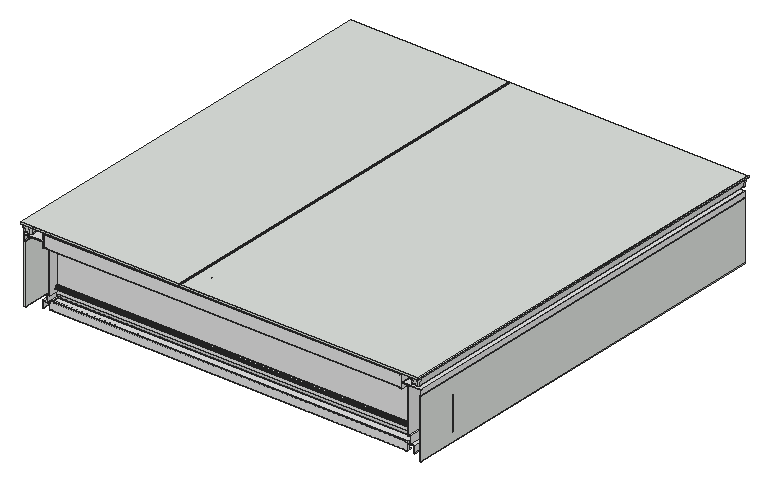
Revit family "Furniture-Mirror_Cabinet-KOHLER-K-56003K_1", category Casework, host Face, Revit 2022
Family settings
  Host = Face
  OmniClass Number = 23.25.53.11.13.11
  OmniClass Title = Medicine Cabinet
  Cut with Voids When Loaded = No
  Shared = No
  Room Calculation Point = No
Parameters (values of type "NA-Not Applicable")
  Width = 25.07874"  # constant formula
  WaterSense Certified = 1 = 0  # no
  URL = "https://www.kohlerasiapacific.com/"
  Type = 1
  Surface Mount [instance] = not(Recess Mount)  # yes
  Recess Mount [instance] = no
  Product Page URL = ""
  Product Name = ""
  Product Documentation Link = ""
  Model = "K-56003K-NA"  # constant formula
  Material = "Aluminum"  # constant formula
  Master Format 2014 Name = "Bathroom Casework"  # constant formula
  Master Format 2014 = "12 35 30.23"  # constant formula
  Manufacturer Address = "No. 158 Jiang Chang San Road, Zhabei District, Shanghai, China"  # constant formula
  Manufacturer = "Kohler Co."  # constant formula
  Product Finish = Kohler-Metal-V-Matte_Silver
  Height = 25.98425"  # constant formula
  Hardware Included = 0 = 1  # no
  Finish = "V-Matte Silver"  # constant formula
  Environmental Product Declaration = ""
  Distance [instance] = if(or(Recess Mount), 3.73988", 0")  # 0"
  Description = "CL REFRESH 25 INCH X 26 INCH DUAL MOUNT GOOD"  # constant formula
  Depth = 4.88228"  # constant formula
  Default Elevation = 60"
  Declare Label = ""
  Date Modified = "09/10/2025"  # constant formula
  Date Created = "09/10/2025"  # constant formula
  Copyright = "Copyright Kohler Co."  # constant formula
  Contact Us = "https://www.kohlerasiapacific.com/contact-us"
  Assembly Code = "E2010.30"
  ADA Compliant = 1 = 0  # no
Reference planes (in)
  plane 1 "Center (Front/Back)": y = 0
  plane 2: z = 0
  plane 3 "Center (Left/Right)": x = 0
  plane 4: z = 0
  plane 5: z = 4.88228
  plane 6: z = 4.26024
  plane 7: z = 0.03122
  plane 8: z = 3.73201
  plane 9: z = 4.51665
  plane 10: z = -0.03937
  plane 11: z = 3.73988
  plane 12: z = 3.73988
  plane 13: x = -12.53937
  plane 14: x = 12.53937
  plane 15: x = 12.53937
  plane 16: y = 12.99213
  plane 17: y = -12.99213
  plane 18: x = -2.53937
  plane 19: x = -2.46063
  plane 20: y = 12.73622
  plane 21: y = -12.73622
  plane 22: x = 12.51969
  plane 23: x = -12.51969
Forms (in)
  Extrusion 1, void
    sketch origin (0, 0, 0) x (1, 0, 0) y (0, 1, 0)
      loop
        line (-11.71937, 12.43718) -> (-11.71937, -12.44742) -> (11.71937, -12.44742) -> (11.71937, 12.43718) -> (-11.71937, 12.43718)
    from -0.03937 to 3.73988
Dimensions and locks (in)
  "Distance": level to plane 4
  "Depth": plane 5 to plane 4
  plane 5 to plane 6 = 0.62205"
  plane 9 to plane 7 = 4.48543"
  plane 7 to plane 4 = 0.03122"
  plane 8 to plane 7 = 3.70079"
  plane 7 to plane 8 = 3.70079"
  plane 6 to plane 5 = 0.62205"
  plane 4 to plane 5 = 4.88228"
  plane 5 to plane 10 = 4.92165"
  plane 11 to plane 8 = 0.00787"
  plane 5 to plane 12 = 1.1424"
  "Width": plane 13 to plane 14
  "Height": plane 16 to plane 17
  plane 19 to plane 14 = 15"
  plane 13 to plane 18 = 10"
  aligned and locked: plane 2 to host face
  aligned and locked: level to host face
  aligned and locked: plane 3 "Center (Left/Right)" to nested 1
  aligned and locked: plane 1 "Center (Front/Back)" to nested 1
  aligned and locked: plane 4 to nested 1
  aligned and locked: plane 5 to nested 1
  aligned and locked: Extrusion 1 to plane 10
  aligned and locked: plane 12 to Extrusion 1
Automatic sketch dimensions
  host sketch curve to host sketch curve = 96"  (x2)
  Extrusion 1 sketch curve to plane 3 "Center (Left/Right)" = 11.71937"
  plane 1 "Center (Front/Back)" to Extrusion 1 sketch curve = 12.44742"
  plane 3 "Center (Left/Right)" to Extrusion 1 sketch curve = 11.71937"
  Extrusion 1 sketch curve to plane 1 "Center (Front/Back)" = 12.43718"
Nested families (in)
  nested 1: "K-56003K" at (0, 0, 0), type "K-56003K"
Definition of nested family "K-56003K"
  Parameters
    Surface Mount = yes
    Recess Mount = yes
    Material = none
    Default Elevation = 0"
  Reference planes (in)
    plane 1 "Center (Front/Back)": y = 0
    plane 2: z = 0
    plane 3 "Center (Left/Right)": x = 0
    plane 4: x = -12.51969
    plane 5: x = 12.51969
    plane 6: x = 12.53937
    plane 7: x = -12.53937
    plane 8: y = 12.73622
    plane 9: y = -12.73622
    plane 10: z = 3.73201
    plane 11: z = 4.51665
    plane 12: z = 4.88228
    plane 13: z = 4.26024
    plane 14: y = -12.99213
    plane 15: y = 12.99213
    plane 16: x = -2.53937
    plane 17: x = -2.46063
    plane 18: z = 0.03102
    plane 19: z = 3.73988
    plane 20: z = 0
  Forms (in)
    Extrusion 1, solid, material <- "Material", detail levels medium+fine
      sketch origin (0, 0, 0) x (1, 0, 0) y (0, 0, 1)
        loop
          line (-11.71937, 0.44323) -> (-11.71937, 0.02146)
          arc (-11.71937, 0.02146) -> (-11.69772, -0.0002) -> (-11.67606, 0.02146) r 0.02165
          line (-11.67606, 0.02146) -> (-11.67606, 0.39992) -> (-11.26969, 0.39992) -> (-11.26969, 0.44323) -> (-11.44094, 0.44323) -> (-11.44094, 0.8448) -> (-11.26969, 0.8448) -> (-11.26969, 4.51665) -> (-11.32087, 4.51665) -> (-11.32087, 4.10996) -> (-12.49685, 4.10996)
          arc (-12.49685, 4.10996) -> (-12.513, 4.10327) -> (-12.51969, 4.08713) r 0.02283
          line (-12.51969, 4.08713) -> (-12.51969, 3.76545)
          arc (-12.51969, 3.76545) -> (-12.49409, 3.73986) -> (-12.4685, 3.76545) r 0.02559
          line (-12.4685, 3.76545) -> (-12.4685, 4.05878) -> (-11.32087, 4.05878) -> (-11.32087, 0.88811) -> (-11.48425, 0.88811) -> (-11.48425, 0.44323) -> (-11.71937, 0.44323)
        loop
          line (11.71937, 0.44323) -> (11.48425, 0.44323) -> (11.48425, 0.88811) -> (11.32087, 0.88811) -> (11.32087, 4.05878) -> (12.4685, 4.05878) -> (12.4685, 3.76545)
          arc (12.4685, 3.76545) -> (12.49409, 3.73986) -> (12.51969, 3.76545) r 0.02559
          line (12.51969, 3.76545) -> (12.51969, 4.08713)
          arc (12.51969, 4.08713) -> (12.513, 4.10327) -> (12.49685, 4.10996) r 0.02283
          line (12.49685, 4.10996) -> (11.32087, 4.10996) -> (11.32087, 4.51665) -> (11.26969, 4.51665) -> (11.26969, 0.8448) -> (11.44094, 0.8448) -> (11.44094, 0.44323) -> (11.26969, 0.44323) -> (11.26969, 0.39992) -> (11.67606, 0.39992) -> (11.67606, 0.02146)
          arc (11.67606, 0.02146) -> (11.69772, -0.0002) -> (11.71937, 0.02146) r 0.02165
          line (11.71937, 0.02146) -> (11.71937, 0.44323)
      from -12.73622 to 12.73622
    Extrusion 2, solid, material <- "Material", detail levels medium+fine
      sketch origin (0, 0, 0) x (0, 1, 0) y (0, 0, 1)
        loop
          arc (12.23622, 0.51991) -> (12.21463, 0.5415) -> (12.19304, 0.51991) r 0.02159
          line (12.19304, 0.51991) -> (12.19304, 0.44444) -> (11.64077, 0.44444)
          arc (11.64077, 0.44444) -> (11.62289, 0.45518) -> (11.62397, 0.47601) r 0.02026
          arc (11.62397, 0.47601) -> (11.67147, 0.57578) -> (11.68778, 0.68506) r 0.37434
          line (11.68778, 0.68506) -> (11.68778, 0.99538)
          arc (11.68778, 0.99538) -> (11.69533, 1.00989) -> (11.71154, 1.01204) r 0.01772
          arc (11.71154, 1.01204) -> (11.78112, 1.00834) -> (11.84107, 1.04386) r 0.12022
          arc (11.84107, 1.04386) -> (11.84637, 1.07594) -> (11.81914, 1.09372) r 0.02975
          line (11.81914, 1.09372) -> (11.75242, 1.09372)
          arc (11.75242, 1.09372) -> (11.71923, 1.12691) -> (11.75242, 1.1601) r 0.03319
          line (11.75242, 1.1601) -> (11.81547, 1.1601)
          arc (11.81547, 1.1601) -> (11.845, 1.17984) -> (11.83805, 1.21468) r 0.03196
          arc (11.83805, 1.21468) -> (11.77855, 1.24674) -> (11.71122, 1.24093) r 0.11812
          arc (11.71122, 1.24093) -> (11.69528, 1.2427) -> (11.68778, 1.25688) r 0.01714
          line (11.68778, 1.25688) -> (11.68778, 3.39071)
          arc (11.68778, 3.39071) -> (11.69495, 3.4044) -> (11.71027, 3.40631) r 0.01665
          arc (11.71027, 3.40631) -> (11.78047, 3.40198) -> (11.84107, 3.43766) r 0.12022
          arc (11.84107, 3.43766) -> (11.84637, 3.46974) -> (11.81914, 3.48751) r 0.02975
          line (11.81914, 3.48751) -> (11.75242, 3.48751)
          arc (11.75242, 3.48751) -> (11.71923, 3.5207) -> (11.75242, 3.55389) r 0.03319
          line (11.75242, 3.55389) -> (11.81547, 3.55389)
          arc (11.81547, 3.55389) -> (11.845, 3.57364) -> (11.83805, 3.60847) r 0.03196
          arc (11.83805, 3.60847) -> (11.78016, 3.64019) -> (11.7143, 3.6359) r 0.11812
          arc (11.7143, 3.6359) -> (11.69628, 3.63828) -> (11.68789, 3.6544) r 0.01969
          line (11.68789, 3.6544) -> (11.68789, 4.45471) -> (12.69491, 4.45471) -> (12.69491, 3.78334) -> (12.65495, 3.78334)
          arc (12.65495, 3.78334) -> (12.63303, 3.76142) -> (12.65495, 3.73949) r 0.02192
          line (12.65495, 3.73949) -> (12.71734, 3.73949)
          arc (12.71734, 3.73949) -> (12.73135, 3.7453) -> (12.73716, 3.75931) r 0.01982
          line (12.73716, 3.75931) -> (12.73716, 4.47633)
          arc (12.73716, 4.47633) -> (12.73097, 4.49127) -> (12.71604, 4.49745) r 0.02112
          line (12.71604, 4.49745) -> (11.66279, 4.49745)
          arc (11.66279, 4.49745) -> (11.64748, 4.49111) -> (11.64114, 4.4758) r 0.02165
          line (11.64114, 4.4758) -> (11.64114, 0.70485)
          arc (11.64114, 0.70485) -> (11.59882, 0.54411) -> (11.48283, 0.42504) r 0.32644
          arc (11.48283, 0.42504) -> (11.47588, 0.40218) -> (11.49792, 0.39294) r 0.01783
          arc (11.49792, 0.39294) -> (11.51874, 0.39833) -> (11.54017, 0.40015) r 0.12754
          line (11.54017, 0.40015) -> (11.92167, 0.40015) -> (11.92167, 0.30247)
          arc (11.92167, 0.30247) -> (11.94417, 0.27997) -> (11.96668, 0.30247) r 0.02251
          line (11.96668, 0.30247) -> (11.96668, 0.40015) -> (12.19304, 0.40015) -> (12.19304, 0.0431) -> (11.98652, 0.0431)
          arc (11.98652, 0.0431) -> (11.96497, 0.02155) -> (11.98652, 0) r 0.02155
          line (11.98652, 0) -> (12.21451, 0)
          arc (12.21451, 0) -> (12.22986, 0.00636) -> (12.23622, 0.02171) r 0.02171
          line (12.23622, 0.02171) -> (12.23622, 0.51991)
        loop
          line (-12.23622, 0.51991) -> (-12.23622, 0.02171)
          arc (-12.23622, 0.02171) -> (-12.22986, 0.00636) -> (-12.21451, 0) r 0.02171
          line (-12.21451, 0) -> (-11.98652, 0)
          arc (-11.98652, 0) -> (-11.96497, 0.02155) -> (-11.98652, 0.0431) r 0.02155
          line (-11.98652, 0.0431) -> (-12.19304, 0.0431) -> (-12.19304, 0.40015) -> (-11.96668, 0.40015) -> (-11.96668, 0.30247)
          arc (-11.96668, 0.30247) -> (-11.94417, 0.27997) -> (-11.92167, 0.30247) r 0.02251
          line (-11.92167, 0.30247) -> (-11.92167, 0.40015) -> (-11.54017, 0.40015)
          arc (-11.54017, 0.40015) -> (-11.51874, 0.39833) -> (-11.49792, 0.39294) r 0.12754
          arc (-11.49792, 0.39294) -> (-11.47603, 0.40188) -> (-11.48226, 0.42469) r 0.01783
          arc (-11.48226, 0.42469) -> (-11.59887, 0.55137) -> (-11.64114, 0.71828) r 0.3507
          line (-11.64114, 0.71828) -> (-11.64114, 4.4758)
          arc (-11.64114, 4.4758) -> (-11.64748, 4.49111) -> (-11.66279, 4.49745) r 0.02165
          line (-11.66279, 4.49745) -> (-12.71604, 4.49745)
          arc (-12.71604, 4.49745) -> (-12.73097, 4.49127) -> (-12.73716, 4.47633) r 0.02112
          line (-12.73716, 4.47633) -> (-12.73716, 3.75931)
          arc (-12.73716, 3.75931) -> (-12.73135, 3.7453) -> (-12.71734, 3.73949) r 0.01982
          line (-12.71734, 3.73949) -> (-12.65495, 3.73949)
          arc (-12.65495, 3.73949) -> (-12.63303, 3.76142) -> (-12.65495, 3.78334) r 0.02192
          line (-12.65495, 3.78334) -> (-12.69491, 3.78334) -> (-12.69491, 4.45471) -> (-11.68789, 4.45471) -> (-11.68789, 3.6544)
          arc (-11.68789, 3.6544) -> (-11.69628, 3.63828) -> (-11.7143, 3.6359) r 0.01969
          arc (-11.7143, 3.6359) -> (-11.78016, 3.64019) -> (-11.83805, 3.60847) r 0.11812
          arc (-11.83805, 3.60847) -> (-11.845, 3.57364) -> (-11.81547, 3.55389) r 0.03196
          line (-11.81547, 3.55389) -> (-11.75242, 3.55389)
          arc (-11.75242, 3.55389) -> (-11.71923, 3.5207) -> (-11.75242, 3.48751) r 0.03319
          line (-11.75242, 3.48751) -> (-11.81914, 3.48751)
          arc (-11.81914, 3.48751) -> (-11.84637, 3.46974) -> (-11.84107, 3.43766) r 0.02975
          arc (-11.84107, 3.43766) -> (-11.78047, 3.40198) -> (-11.71027, 3.40631) r 0.12022
          arc (-11.71027, 3.40631) -> (-11.69495, 3.4044) -> (-11.68778, 3.39071) r 0.01665
          line (-11.68778, 3.39071) -> (-11.68778, 1.25688)
          arc (-11.68778, 1.25688) -> (-11.69528, 1.2427) -> (-11.71122, 1.24093) r 0.01714
          arc (-11.71122, 1.24093) -> (-11.77855, 1.24674) -> (-11.83805, 1.21468) r 0.11812
          arc (-11.83805, 1.21468) -> (-11.845, 1.17984) -> (-11.81547, 1.1601) r 0.03196
          line (-11.81547, 1.1601) -> (-11.75242, 1.1601)
          arc (-11.75242, 1.1601) -> (-11.71923, 1.12691) -> (-11.75242, 1.09372) r 0.03319
          line (-11.75242, 1.09372) -> (-11.81914, 1.09372)
          arc (-11.81914, 1.09372) -> (-11.84637, 1.07594) -> (-11.84107, 1.04386) r 0.02975
          arc (-11.84107, 1.04386) -> (-11.78112, 1.00834) -> (-11.71154, 1.01204) r 0.12022
          arc (-11.71154, 1.01204) -> (-11.69533, 1.00989) -> (-11.68778, 0.99538) r 0.01772
          line (-11.68778, 0.99538) -> (-11.68778, 0.68506)
          arc (-11.68778, 0.68506) -> (-11.67147, 0.57578) -> (-11.62397, 0.47601) r 0.37434
          arc (-11.62397, 0.47601) -> (-11.62289, 0.45518) -> (-11.64077, 0.44444) r 0.02026
          line (-11.64077, 0.44444) -> (-12.19304, 0.44444) -> (-12.19304, 0.51991)
          arc (-12.19304, 0.51991) -> (-12.21463, 0.5415) -> (-12.23622, 0.51991) r 0.02159
      from -11.26969 to 11.26969
    Extrusion 3, void
      sketch origin (0, 0, 0) x (0, 1, 0) y (0, 0, 1)
        loop
          line (-12.23622, 3.73988) -> (-12.73622, 3.73988) -> (-12.73622, -0.0002) -> (-12.23622, -0.0002) -> (-12.23622, 3.73988)
        loop
          line (12.23622, 3.73988) -> (12.23622, -0.0002) -> (12.73622, -0.0002) -> (12.73622, 3.73988) -> (12.23622, 3.73988)
      from -12.10128 to 12.11029
    Extrusion 4, solid
      sketch origin (0, 0, 0) x (1, 0, 0) y (0, 1, 0)
        loop
          line (11.63386, 11.87992) -> (-11.63386, 11.87992) -> (-11.63386, -11.87992) -> (11.63386, -11.87992) -> (11.63386, 11.87992)
      from 0.27 to 0.38811
    Extrusion 5, solid, material <- "Material", visible <- "Surface Mount"
      sketch origin (0, 0, 0) x (1, 0, 0) y (0, 1, 0)
        loop
          line (12.38189, -7.88505) -> (12.38189, -7.1378) -> (12.34926, -7.1378) -> (12.34926, -7.89278)
          arc (12.34926, -7.89278) -> (12.34541, -7.90852) -> (12.33473, -7.9207) r 0.03408
          line (12.33473, -7.9207) -> (11.36363, -8.60067)
          arc (11.36363, -8.60067) -> (11.33799, -8.62991) -> (11.32874, -8.66769) r 0.08182
          line (11.32874, -8.66769) -> (11.32874, -9.33063)
          arc (11.32874, -9.33063) -> (11.33835, -9.3699) -> (11.365, -9.40029) r 0.08504
          line (11.365, -9.40029) -> (12.33473, -10.0793)
          arc (12.33473, -10.0793) -> (12.34541, -10.09148) -> (12.34926, -10.10722) r 0.03408
          line (12.34926, -10.10722) -> (12.34926, -10.8622) -> (12.38189, -10.8622) -> (12.38189, -10.11495)
          arc (12.38189, -10.11495) -> (12.3727, -10.07738) -> (12.3472, -10.0483) r 0.08136
          line (12.3472, -10.0483) -> (11.38188, -9.37238)
          arc (11.38188, -9.37238) -> (11.36631, -9.35462) -> (11.36069, -9.33168) r 0.04969
          line (11.36069, -9.33168) -> (11.36069, -8.66878)
          arc (11.36069, -8.66878) -> (11.36641, -8.64543) -> (11.38226, -8.62736) r 0.05056
          line (11.38226, -8.62736) -> (12.3472, -7.9517)
          arc (12.3472, -7.9517) -> (12.3727, -7.92262) -> (12.38189, -7.88505) r 0.08136
        loop
          arc (12.38189, 7.88505) -> (12.3727, 7.92262) -> (12.3472, 7.9517) r 0.08136
          line (12.3472, 7.9517) -> (11.38226, 8.62736)
          arc (11.38226, 8.62736) -> (11.36641, 8.64543) -> (11.36069, 8.66878) r 0.05056
          line (11.36069, 8.66878) -> (11.36069, 9.33168)
          arc (11.36069, 9.33168) -> (11.36631, 9.35462) -> (11.38188, 9.37238) r 0.04969
          line (11.38188, 9.37238) -> (12.3472, 10.0483)
          arc (12.3472, 10.0483) -> (12.3727, 10.07738) -> (12.38189, 10.11495) r 0.08136
          line (12.38189, 10.11495) -> (12.38189, 10.8622) -> (12.34926, 10.8622) -> (12.34926, 10.10722)
          arc (12.34926, 10.10722) -> (12.34541, 10.09148) -> (12.33473, 10.0793) r 0.03408
          line (12.33473, 10.0793) -> (11.365, 9.40029)
          arc (11.365, 9.40029) -> (11.33835, 9.3699) -> (11.32874, 9.33063) r 0.08504
          line (11.32874, 9.33063) -> (11.32874, 8.66769)
          arc (11.32874, 8.66769) -> (11.33799, 8.62991) -> (11.36363, 8.60067) r 0.08182
          line (11.36363, 8.60067) -> (12.33473, 7.9207)
          arc (12.33473, 7.9207) -> (12.34541, 7.90852) -> (12.34926, 7.89278) r 0.03408
          line (12.34926, 7.89278) -> (12.34926, 7.1378) -> (12.38189, 7.1378) -> (12.38189, 7.88505)
        loop
          arc (-12.38189, -7.88505) -> (-12.3727, -7.92262) -> (-12.3472, -7.9517) r 0.08136
          line (-12.3472, -7.9517) -> (-11.38226, -8.62736)
          arc (-11.38226, -8.62736) -> (-11.36641, -8.64543) -> (-11.36069, -8.66878) r 0.05056
          line (-11.36069, -8.66878) -> (-11.36069, -9.33168)
          arc (-11.36069, -9.33168) -> (-11.36631, -9.35462) -> (-11.38188, -9.37238) r 0.04969
          line (-11.38188, -9.37238) -> (-12.3472, -10.0483)
          arc (-12.3472, -10.0483) -> (-12.3727, -10.07738) -> (-12.38189, -10.11495) r 0.08136
          line (-12.38189, -10.11495) -> (-12.38189, -10.8622) -> (-12.34926, -10.8622) -> (-12.34926, -10.10722)
          arc (-12.34926, -10.10722) -> (-12.34541, -10.09148) -> (-12.33473, -10.0793) r 0.03408
          line (-12.33473, -10.0793) -> (-11.365, -9.40029)
          arc (-11.365, -9.40029) -> (-11.33835, -9.3699) -> (-11.32874, -9.33063) r 0.08504
          line (-11.32874, -9.33063) -> (-11.32874, -8.66769)
          arc (-11.32874, -8.66769) -> (-11.33799, -8.62991) -> (-11.36363, -8.60067) r 0.08182
          line (-11.36363, -8.60067) -> (-12.33473, -7.9207)
          arc (-12.33473, -7.9207) -> (-12.34541, -7.90852) -> (-12.34926, -7.89278) r 0.03408
          line (-12.34926, -7.89278) -> (-12.34926, -7.1378) -> (-12.38189, -7.1378) -> (-12.38189, -7.88505)
        loop
          line (-12.38189, 7.88505) -> (-12.38189, 7.1378) -> (-12.34926, 7.1378) -> (-12.34926, 7.89278)
          arc (-12.34926, 7.89278) -> (-12.34541, 7.90852) -> (-12.33473, 7.9207) r 0.03408
          line (-12.33473, 7.9207) -> (-11.36363, 8.60067)
          arc (-11.36363, 8.60067) -> (-11.33799, 8.62991) -> (-11.32874, 8.66769) r 0.08182
          line (-11.32874, 8.66769) -> (-11.32874, 9.33063)
          arc (-11.32874, 9.33063) -> (-11.33835, 9.3699) -> (-11.365, 9.40029) r 0.08504
          line (-11.365, 9.40029) -> (-12.33473, 10.0793)
          arc (-12.33473, 10.0793) -> (-12.34541, 10.09148) -> (-12.34926, 10.10722) r 0.03408
          line (-12.34926, 10.10722) -> (-12.34926, 10.8622) -> (-12.38189, 10.8622) -> (-12.38189, 10.11495)
          arc (-12.38189, 10.11495) -> (-12.3727, 10.07738) -> (-12.3472, 10.0483) r 0.08136
          line (-12.3472, 10.0483) -> (-11.38188, 9.37238)
          arc (-11.38188, 9.37238) -> (-11.36631, 9.35462) -> (-11.36069, 9.33168) r 0.04969
          line (-11.36069, 9.33168) -> (-11.36069, 8.66878)
          arc (-11.36069, 8.66878) -> (-11.36641, 8.64543) -> (-11.38226, 8.62736) r 0.05056
          line (-11.38226, 8.62736) -> (-12.3472, 7.9517)
          arc (-12.3472, 7.9517) -> (-12.3727, 7.92262) -> (-12.38189, 7.88505) r 0.08136
      from 1.1601 to 2.60071
    Extrusion 6, solid, material <- "Material", visible <- "Surface Mount"
      sketch origin (0, 0, 0) x (1, 0, 0) y (0, 1, 0)
        loop
          line (-12.40157, -7.1378) -> (-12.40157, -7.85358) -> (-12.36985, -7.85358) -> (-12.36985, -7.1378) -> (-12.40157, -7.1378)
        loop
          line (-12.40157, -10.7557) -> (-12.36985, -10.7557) -> (-12.36985, -10.03992) -> (-12.40157, -10.03992) -> (-12.40157, -10.7557)
        loop
          line (-12.40157, 7.1378) -> (-12.36985, 7.1378) -> (-12.36985, 7.85358) -> (-12.40157, 7.85358) -> (-12.40157, 7.1378)
        loop
          line (-12.40157, 10.7557) -> (-12.40157, 10.03992) -> (-12.36985, 10.03992) -> (-12.36985, 10.7557) -> (-12.40157, 10.7557)
        loop
          line (12.40157, -7.1378) -> (12.36985, -7.1378) -> (12.36985, -7.85358) -> (12.40157, -7.85358) -> (12.40157, -7.1378)
        loop
          line (12.40157, -10.7557) -> (12.40157, -10.03992) -> (12.36985, -10.03992) -> (12.36985, -10.7557) -> (12.40157, -10.7557)
        loop
          line (12.40157, 7.1378) -> (12.40157, 7.85358) -> (12.36985, 7.85358) -> (12.36985, 7.1378) -> (12.40157, 7.1378)
        loop
          line (12.40157, 10.7557) -> (12.36985, 10.7557) -> (12.36985, 10.03992) -> (12.40157, 10.03992) -> (12.40157, 10.7557)
      from 0.56134 to 3.25826
    Extrusion 7, solid, material <- "Material", visible <- "Surface Mount"
      sketch origin (0, 0, 0) x (1, 0, 0) y (0, 1, 0)
        loop
          line (12.38189, -7.88505) -> (12.38189, -7.1378) -> (12.34926, -7.1378) -> (12.34926, -7.89278)
          arc (12.34926, -7.89278) -> (12.34541, -7.90852) -> (12.33473, -7.9207) r 0.03408
          line (12.33473, -7.9207) -> (12.3472, -7.9517)
          arc (12.3472, -7.9517) -> (12.3727, -7.92262) -> (12.38189, -7.88505) r 0.08136
        loop
          arc (12.38189, -10.11495) -> (12.3727, -10.07738) -> (12.3472, -10.0483) r 0.08136
          line (12.3472, -10.0483) -> (12.33473, -10.0793)
          arc (12.33473, -10.0793) -> (12.34541, -10.09148) -> (12.34926, -10.10722) r 0.03408
          line (12.34926, -10.10722) -> (12.34926, -10.8622) -> (12.38189, -10.8622) -> (12.38189, -10.11495)
        loop
          arc (12.38189, 7.88505) -> (12.3727, 7.92262) -> (12.3472, 7.9517) r 0.08136
          line (12.3472, 7.9517) -> (12.33473, 7.9207)
          arc (12.33473, 7.9207) -> (12.34541, 7.90852) -> (12.34926, 7.89278) r 0.03408
          line (12.34926, 7.89278) -> (12.34926, 7.1378) -> (12.38189, 7.1378) -> (12.38189, 7.88505)
        loop
          line (12.38189, 10.11495) -> (12.38189, 10.8622) -> (12.34926, 10.8622) -> (12.34926, 10.10722)
          arc (12.34926, 10.10722) -> (12.34541, 10.09148) -> (12.33473, 10.0793) r 0.03408
          line (12.33473, 10.0793) -> (12.3472, 10.0483)
          arc (12.3472, 10.0483) -> (12.3727, 10.07738) -> (12.38189, 10.11495) r 0.08136
        loop
          arc (-12.38189, -7.88505) -> (-12.3727, -7.92262) -> (-12.3472, -7.9517) r 0.08136
          line (-12.3472, -7.9517) -> (-12.33473, -7.9207)
          arc (-12.33473, -7.9207) -> (-12.34541, -7.90852) -> (-12.34926, -7.89278) r 0.03408
          line (-12.34926, -7.89278) -> (-12.34926, -7.1378) -> (-12.38189, -7.1378) -> (-12.38189, -7.88505)
        loop
          line (-12.38189, -10.11495) -> (-12.38189, -10.8622) -> (-12.34926, -10.8622) -> (-12.34926, -10.10722)
          arc (-12.34926, -10.10722) -> (-12.34541, -10.09148) -> (-12.33473, -10.0793) r 0.03408
          line (-12.33473, -10.0793) -> (-12.3472, -10.0483)
          arc (-12.3472, -10.0483) -> (-12.3727, -10.07738) -> (-12.38189, -10.11495) r 0.08136
        loop
          line (-12.38189, 7.88505) -> (-12.38189, 7.1378) -> (-12.34926, 7.1378) -> (-12.34926, 7.89278)
          arc (-12.34926, 7.89278) -> (-12.34541, 7.90852) -> (-12.33473, 7.9207) r 0.03408
          line (-12.33473, 7.9207) -> (-12.3472, 7.9517)
          arc (-12.3472, 7.9517) -> (-12.3727, 7.92262) -> (-12.38189, 7.88505) r 0.08136
        loop
          arc (-12.38189, 10.11495) -> (-12.3727, 10.07738) -> (-12.3472, 10.0483) r 0.08136
          line (-12.3472, 10.0483) -> (-12.33473, 10.0793)
          arc (-12.33473, 10.0793) -> (-12.34541, 10.09148) -> (-12.34926, 10.10722) r 0.03408
          line (-12.34926, 10.10722) -> (-12.34926, 10.8622) -> (-12.38189, 10.8622) -> (-12.38189, 10.11495)
      from 0.50417 to 3.25826
    Sweep 8, solid, material <- "Material"
      path origin (-0.00758, 0.00516, 0.89813) x (-1, 0, 0) y (0, -1, 0)
        loop
          arc (-12.47083, -12.78692) -> (-12.44777, -12.8426) -> (-12.39209, -12.86566) r 0.07874
          line (-12.39209, -12.86566) -> (-12.04111, -12.86566)
          arc (-12.04111, -12.86566) -> (-11.98543, -12.8426) -> (-11.96237, -12.78692) r 0.07874
          line (-11.96237, -12.78692) -> (-11.96237, -10.71759)
          arc (-11.96237, -10.71759) -> (-11.93931, -10.66191) -> (-11.88363, -10.63885) r 0.07874
          line (-11.88363, -10.63885) -> (-10.70862, -10.63885)
          arc (-10.70862, -10.63885) -> (-10.6251, -10.60426) -> (-10.59051, -10.52074) r 0.11811
          line (-10.59051, -10.52074) -> (-10.59051, -7.55642)
          arc (-10.59051, -7.55642) -> (-10.6251, -7.47291) -> (-10.70862, -7.43831) r 0.11811
          line (-10.70862, -7.43831) -> (-11.87872, -7.43831)
          arc (-11.87872, -7.43831) -> (-11.93439, -7.41525) -> (-11.95746, -7.35957) r 0.07874
          line (-11.95746, -7.35957) -> (-11.95746, 7.28835)
          arc (-11.95746, 7.28835) -> (-11.92286, 7.37187) -> (-11.83935, 7.40646) r 0.11811
          line (-11.83935, 7.40646) -> (-10.70862, 7.40646)
          arc (-10.70862, 7.40646) -> (-10.6251, 7.44105) -> (-10.59051, 7.52457) r 0.11811
          line (-10.59051, 7.52457) -> (-10.59051, 10.48889)
          arc (-10.59051, 10.48889) -> (-10.6251, 10.5724) -> (-10.70862, 10.607) r 0.11811
          line (-10.70862, 10.607) -> (-11.84426, 10.607)
          arc (-11.84426, 10.607) -> (-11.92778, 10.64159) -> (-11.96237, 10.72511) r 0.11811
          line (-11.96237, 10.72511) -> (-11.96237, 12.74557)
          arc (-11.96237, 12.74557) -> (-11.99696, 12.82908) -> (-12.08048, 12.86368) r 0.11811
          line (-12.08048, 12.86368) -> (-12.39209, 12.86368)
          arc (-12.39209, 12.86368) -> (-12.44777, 12.84062) -> (-12.47083, 12.78494) r 0.07874
          line (-12.47083, 12.78494) -> (-12.47083, -12.78692)
      profile origin (12.46325, 0.00615, 0.89813) x (1, 0, 0) y (0, 0, 1)
        loop
          line (0.03712, 3.89821) -> (-0.07441, 3.89821) -> (-0.07441, 3.39884) -> (-0.04335, 3.39884)
          arc (-0.04335, 3.39884) -> (-0.029, 3.40427) -> (-0.02186, 3.41785) r 0.02165
          line (-0.02186, 3.41785) -> (0.03712, 3.89821)
    Extrusion 9, solid
      sketch origin (-0.00758, -0.00099, 0.89813) x (1, 0, 0) y (0, 1, 0)
        loop
          line (11.80947, 9.6972) -> (11.80947, 10.04547)
          arc (11.80947, 10.04547) -> (11.79112, 10.08977) -> (11.74682, 10.10812) r 0.06265
          line (11.74682, 10.10812) -> (11.01427, 10.10812)
          arc (11.01427, 10.10812) -> (10.97292, 10.09099) -> (10.95579, 10.04964) r 0.05848
          line (10.95579, 10.04964) -> (10.95579, 7.96237)
          arc (10.95579, 7.96237) -> (10.97576, 7.91416) -> (11.02396, 7.8942) r 0.06817
          line (11.02396, 7.8942) -> (11.73078, 7.8942)
          arc (11.73078, 7.8942) -> (11.77428, 7.91221) -> (11.7923, 7.95571) r 0.06152
          line (11.7923, 7.95571) -> (11.7923, 8.29005)
          arc (11.7923, 8.29005) -> (11.77261, 8.33757) -> (11.7251, 8.35725) r 0.0672
          line (11.7251, 8.35725) -> (11.68924, 8.35725)
          arc (11.68924, 8.35725) -> (11.04736, 8.99914) -> (11.68924, 9.64102) r 0.64189
          line (11.68924, 9.64102) -> (11.75329, 9.64102)
          arc (11.75329, 9.64102) -> (11.79302, 9.65748) -> (11.80947, 9.6972) r 0.05618
        loop
          circle (11.29979, 9.87625) r 0.18898
        loop
          circle (11.29979, 8.12305) r 0.18898
      from 3.3207 to 3.39824
    Extrusion 10, solid, material <- "Material"
      sketch origin (0, 0.00615, 0) x (1, 0, 0) y (0, 1, 0)
        loop
          arc (12.02429, -7.28934) -> (11.9679, -7.42547) -> (11.83177, -7.48186) r 0.19252
          line (11.83177, -7.48186) -> (10.70104, -7.48186)
          arc (10.70104, -7.48186) -> (10.67014, -7.49466) -> (10.65734, -7.52556) r 0.0437
          line (10.65734, -7.52556) -> (10.65734, -10.48988)
          arc (10.65734, -10.48988) -> (10.67014, -10.52078) -> (10.70104, -10.53357) r 0.0437
          line (10.70104, -10.53357) -> (11.83668, -10.53357)
          arc (11.83668, -10.53357) -> (11.97282, -10.58996) -> (12.02921, -10.7261) r 0.19252
          line (12.02921, -10.7261) -> (12.02921, -12.74656)
          arc (12.02921, -12.74656) -> (12.042, -12.77746) -> (12.0729, -12.79025) r 0.0437
          line (12.0729, -12.79025) -> (12.38884, -12.79025) -> (12.38884, 12.79025) -> (12.02921, 12.79025) -> (12.02921, 10.7166)
          arc (12.02921, 10.7166) -> (11.98435, 10.60831) -> (11.87605, 10.56345) r 0.15315
          line (11.87605, 10.56345) -> (10.70104, 10.56345)
          arc (10.70104, 10.56345) -> (10.67014, 10.55065) -> (10.65734, 10.51975) r 0.0437
          line (10.65734, 10.51975) -> (10.65734, 7.55543)
          arc (10.65734, 7.55543) -> (10.67014, 7.52454) -> (10.70104, 7.51174) r 0.0437
          line (10.70104, 7.51174) -> (11.87114, 7.51174)
          arc (11.87114, 7.51174) -> (11.97943, 7.46688) -> (12.02429, 7.35858) r 0.15315
          line (12.02429, 7.35858) -> (12.02429, -7.28934)
      from 4.29696 to 4.79634
    Extrusion 11, solid, detail levels medium+fine
      sketch origin (-0.00758, 0.00099, 0.89813) x (1, 0, 0) y (0, 1, 0)
        loop
          arc (11.80947, -9.6972) -> (11.79302, -9.65748) -> (11.75329, -9.64102) r 0.05618
          line (11.75329, -9.64102) -> (11.68924, -9.64102)
          arc (11.68924, -9.64102) -> (11.04736, -8.99914) -> (11.68924, -8.35725) r 0.64189
          line (11.68924, -8.35725) -> (11.7251, -8.35725)
          arc (11.7251, -8.35725) -> (11.77261, -8.33757) -> (11.7923, -8.29005) r 0.0672
          line (11.7923, -8.29005) -> (11.7923, -7.95571)
          arc (11.7923, -7.95571) -> (11.77428, -7.91221) -> (11.73078, -7.8942) r 0.06152
          line (11.73078, -7.8942) -> (11.02396, -7.8942)
          arc (11.02396, -7.8942) -> (10.97576, -7.91416) -> (10.95579, -7.96237) r 0.06817
          line (10.95579, -7.96237) -> (10.95579, -10.04964)
          arc (10.95579, -10.04964) -> (10.97292, -10.09099) -> (11.01427, -10.10812) r 0.05848
          line (11.01427, -10.10812) -> (11.74682, -10.10812)
          arc (11.74682, -10.10812) -> (11.79112, -10.08977) -> (11.80947, -10.04547) r 0.06265
          line (11.80947, -10.04547) -> (11.80947, -9.6972)
        loop
          circle (11.29979, -9.87625) r 0.18898
        loop
          circle (11.29979, -8.12305) r 0.18898
      from 3.3207 to 3.39828
    Extrusion 12, solid
      sketch origin (0.00758, -0.00099, 0.89813) x (-1, 0, 0) y (0, -1, 0)
        loop
          arc (11.80947, -9.6972) -> (11.79302, -9.65748) -> (11.75329, -9.64102) r 0.05618
          line (11.75329, -9.64102) -> (11.68924, -9.64102)
          arc (11.68924, -9.64102) -> (11.04736, -8.99914) -> (11.68924, -8.35725) r 0.64189
          line (11.68924, -8.35725) -> (11.7251, -8.35725)
          arc (11.7251, -8.35725) -> (11.77261, -8.33757) -> (11.7923, -8.29005) r 0.0672
          line (11.7923, -8.29005) -> (11.7923, -7.95571)
          arc (11.7923, -7.95571) -> (11.77428, -7.91221) -> (11.73078, -7.8942) r 0.06152
          line (11.73078, -7.8942) -> (11.02396, -7.8942)
          arc (11.02396, -7.8942) -> (10.97576, -7.91416) -> (10.95579, -7.96237) r 0.06817
          line (10.95579, -7.96237) -> (10.95579, -10.04964)
          arc (10.95579, -10.04964) -> (10.97292, -10.09099) -> (11.01427, -10.10812) r 0.05848
          line (11.01427, -10.10812) -> (11.74682, -10.10812)
          arc (11.74682, -10.10812) -> (11.79112, -10.08977) -> (11.80947, -10.04547) r 0.06265
          line (11.80947, -10.04547) -> (11.80947, -9.6972)
        loop
          circle (11.29979, -9.87625) r 0.18898
        loop
          circle (11.29979, -8.12305) r 0.18898
      from 3.3207 to 3.39824
    Extrusion 13, solid, detail levels medium+fine
      sketch origin (0.00758, 0.00099, 0.89813) x (-1, 0, 0) y (0, -1, 0)
        loop
          line (11.80947, 9.6972) -> (11.80947, 10.04547)
          arc (11.80947, 10.04547) -> (11.79112, 10.08977) -> (11.74682, 10.10812) r 0.06265
          line (11.74682, 10.10812) -> (11.01427, 10.10812)
          arc (11.01427, 10.10812) -> (10.97292, 10.09099) -> (10.95579, 10.04964) r 0.05848
          line (10.95579, 10.04964) -> (10.95579, 7.96237)
          arc (10.95579, 7.96237) -> (10.97576, 7.91416) -> (11.02396, 7.8942) r 0.06817
          line (11.02396, 7.8942) -> (11.73078, 7.8942)
          arc (11.73078, 7.8942) -> (11.77428, 7.91221) -> (11.7923, 7.95571) r 0.06152
          line (11.7923, 7.95571) -> (11.7923, 8.29005)
          arc (11.7923, 8.29005) -> (11.77261, 8.33757) -> (11.7251, 8.35725) r 0.0672
          line (11.7251, 8.35725) -> (11.68924, 8.35725)
          arc (11.68924, 8.35725) -> (11.04736, 8.99914) -> (11.68924, 9.64102) r 0.64189
          line (11.68924, 9.64102) -> (11.75329, 9.64102)
          arc (11.75329, 9.64102) -> (11.79302, 9.65748) -> (11.80947, 9.6972) r 0.05618
        loop
          circle (11.29979, 9.87625) r 0.18898
        loop
          circle (11.29979, 8.12305) r 0.18898
      from 3.3207 to 3.39828
    Sweep 14, solid, material <- "Material"
      path origin (0.00758, -0.00099, 0.89813) x (1, 0, 0) y (0, 1, 0)
        loop
          line (-12.47083, 12.78692) -> (-12.47083, -12.78494)
          arc (-12.47083, -12.78494) -> (-12.44777, -12.84062) -> (-12.39209, -12.86368) r 0.07874
          line (-12.39209, -12.86368) -> (-12.08048, -12.86368)
          arc (-12.08048, -12.86368) -> (-11.99696, -12.82908) -> (-11.96237, -12.74557) r 0.11811
          line (-11.96237, -12.74557) -> (-11.96237, -10.72511)
          arc (-11.96237, -10.72511) -> (-11.92778, -10.64159) -> (-11.84426, -10.607) r 0.11811
          line (-11.84426, -10.607) -> (-10.70862, -10.607)
          arc (-10.70862, -10.607) -> (-10.6251, -10.5724) -> (-10.59051, -10.48889) r 0.11811
          line (-10.59051, -10.48889) -> (-10.59051, -7.52457)
          arc (-10.59051, -7.52457) -> (-10.6251, -7.44105) -> (-10.70862, -7.40646) r 0.11811
          line (-10.70862, -7.40646) -> (-11.83935, -7.40646)
          arc (-11.83935, -7.40646) -> (-11.92286, -7.37187) -> (-11.95746, -7.28835) r 0.11811
          line (-11.95746, -7.28835) -> (-11.95746, 7.35957)
          arc (-11.95746, 7.35957) -> (-11.93439, 7.41525) -> (-11.87872, 7.43831) r 0.07874
          line (-11.87872, 7.43831) -> (-10.70862, 7.43831)
          arc (-10.70862, 7.43831) -> (-10.6251, 7.47291) -> (-10.59051, 7.55642) r 0.11811
          line (-10.59051, 7.55642) -> (-10.59051, 10.52074)
          arc (-10.59051, 10.52074) -> (-10.6251, 10.60426) -> (-10.70862, 10.63885) r 0.11811
          line (-10.70862, 10.63885) -> (-11.88363, 10.63885)
          arc (-11.88363, 10.63885) -> (-11.93931, 10.66191) -> (-11.96237, 10.71759) r 0.07874
          line (-11.96237, 10.71759) -> (-11.96237, 12.78692)
          arc (-11.96237, 12.78692) -> (-11.98543, 12.8426) -> (-12.04111, 12.86566) r 0.07874
          line (-12.04111, 12.86566) -> (-12.39209, 12.86566)
          arc (-12.39209, 12.86566) -> (-12.44777, 12.8426) -> (-12.47083, 12.78692) r 0.07874
      profile origin (-12.46325, 0, 0.89813) x (1, 0, 0) y (0, 0, 1)
        loop
          line (-0.03712, 3.89821) -> (0.02186, 3.41785)
          arc (0.02186, 3.41785) -> (0.029, 3.40427) -> (0.04335, 3.39884) r 0.02165
          line (0.04335, 3.39884) -> (0.07441, 3.39884) -> (0.07441, 3.89821) -> (-0.03712, 3.89821)
    Extrusion 15, solid, material <- "Material"
      sketch origin (0, 0, 0) x (1, 0, 0) y (0, 1, 0)
        loop
          line (-12.38884, -12.79025) -> (-12.0729, -12.79025)
          arc (-12.0729, -12.79025) -> (-12.042, -12.77746) -> (-12.02921, -12.74656) r 0.0437
          line (-12.02921, -12.74656) -> (-12.02921, -10.7261)
          arc (-12.02921, -10.7261) -> (-11.97282, -10.58996) -> (-11.83668, -10.53357) r 0.19252
          line (-11.83668, -10.53357) -> (-10.70104, -10.53357)
          arc (-10.70104, -10.53357) -> (-10.67014, -10.52078) -> (-10.65734, -10.48988) r 0.0437
          line (-10.65734, -10.48988) -> (-10.65734, -7.52556)
          arc (-10.65734, -7.52556) -> (-10.67014, -7.49466) -> (-10.70104, -7.48186) r 0.0437
          line (-10.70104, -7.48186) -> (-11.83177, -7.48186)
          arc (-11.83177, -7.48186) -> (-11.9679, -7.42547) -> (-12.02429, -7.28934) r 0.19252
          line (-12.02429, -7.28934) -> (-12.02429, 7.35858)
          arc (-12.02429, 7.35858) -> (-11.97943, 7.46688) -> (-11.87114, 7.51174) r 0.15315
          line (-11.87114, 7.51174) -> (-10.70104, 7.51174)
          arc (-10.70104, 7.51174) -> (-10.67014, 7.52454) -> (-10.65734, 7.55543) r 0.0437
          line (-10.65734, 7.55543) -> (-10.65734, 10.51975)
          arc (-10.65734, 10.51975) -> (-10.67014, 10.55065) -> (-10.70104, 10.56345) r 0.0437
          line (-10.70104, 10.56345) -> (-11.87605, 10.56345)
          arc (-11.87605, 10.56345) -> (-11.98435, 10.60831) -> (-12.02921, 10.7166) r 0.15315
          line (-12.02921, 10.7166) -> (-12.02921, 12.79025) -> (-12.38884, 12.79025) -> (-12.38884, -12.79025)
      from 4.29696 to 4.79634
    Extrusion 16, void
      sketch origin (0, 0.04921, 0) x (0, 1, 0) y (0, 0, 1)
        loop
          arc (10.31119, 4.13596) -> (10.41834, 4.15727) -> (10.50918, 4.21797) r 0.28
          line (10.50918, 4.21797) -> (10.69802, 4.40682)
          arc (10.69802, 4.40682) -> (10.81968, 4.48811) -> (10.96319, 4.51665) r 0.375
          line (10.96319, 4.51665) -> (10.96319, 4.8202) -> (7.03681, 4.8202) -> (7.03681, 4.51665)
          arc (7.03681, 4.51665) -> (7.18032, 4.48811) -> (7.30198, 4.40682) r 0.375
          line (7.30198, 4.40682) -> (7.49082, 4.21797)
          arc (7.49082, 4.21797) -> (7.58166, 4.15727) -> (7.68881, 4.13596) r 0.28
          line (7.68881, 4.13596) -> (10.31119, 4.13596)
        loop
          arc (-10.96319, 4.51665) -> (-10.81968, 4.48811) -> (-10.69802, 4.40682) r 0.375
          line (-10.69802, 4.40682) -> (-10.50918, 4.21797)
          arc (-10.50918, 4.21797) -> (-10.41834, 4.15727) -> (-10.31119, 4.13596) r 0.28
          line (-10.31119, 4.13596) -> (-7.68881, 4.13596)
          arc (-7.68881, 4.13596) -> (-7.58166, 4.15727) -> (-7.49082, 4.21797) r 0.28
          line (-7.49082, 4.21797) -> (-7.30198, 4.40682)
          arc (-7.30198, 4.40682) -> (-7.18032, 4.48811) -> (-7.03681, 4.51665) r 0.375
          line (-7.03681, 4.51665) -> (-7.03681, 4.7952) -> (-10.96319, 4.7952) -> (-10.96319, 4.51665)
      from -11.52206 to 11.48985
    Extrusion 17, solid, detail levels medium+fine
      sketch origin (0, 0, -0.03102) x (1, 0, 0) y (0, 0, 1)
        loop
          line (-2.53937, 4.8202) -> (-2.53937, 4.88831) -> (-2.56437, 4.91331) -> (-12.51437, 4.91331) -> (-12.53937, 4.88831) -> (-12.53937, 4.8202) -> (-12.51437, 4.7952) -> (-2.56437, 4.7952) -> (-2.53937, 4.8202)
        loop
          line (-2.46063, 4.88831) -> (-2.46063, 4.8202) -> (-2.43563, 4.7952) -> (12.51437, 4.7952) -> (12.53937, 4.8202) -> (12.53937, 4.88831) -> (12.51437, 4.91331) -> (-2.43563, 4.91331) -> (-2.46063, 4.88831)
      from -12.99213 to 12.99213
    Extrusion 18, solid, visible <- "Surface Mount"
      sketch origin (0, 0, 0) x (1, 0, 0) y (0, 0, 1)
        loop
          line (-12.51969, 0.05329) -> (-12.49762, 0.03122) -> (-12.42364, 0.03122) -> (-12.40157, 0.05329) -> (-12.40157, 3.70994) -> (-12.42364, 3.73201) -> (-12.49762, 3.73201) -> (-12.51969, 3.70994) -> (-12.51969, 0.05329)
        loop
          line (12.51969, 0.05329) -> (12.51969, 3.70994) -> (12.49762, 3.73201) -> (12.42364, 3.73201) -> (12.40157, 3.70994) -> (12.40157, 0.05329) -> (12.42364, 0.03122) -> (12.49762, 0.03122) -> (12.51969, 0.05329)
      from -12.73622 to 12.73622
    Sweep 19, solid
      path origin (2.10654, 0.02834, 0.88583) x (1, 0, 0) y (0, 1, 0)
        loop
          line (-14.02421, -12.89307) -> (-5.13817, -12.89307)
          arc (-5.13817, -12.89307) -> (-4.85978, -12.77776) -> (-4.74447, -12.49937) r 0.3937
          line (-4.74447, -12.49937) -> (-4.74447, 12.49937)
          arc (-4.74447, 12.49937) -> (-4.85978, 12.77776) -> (-5.13817, 12.89307) r 0.3937
          line (-5.13817, 12.89307) -> (-14.19328, 12.89307)
      profile origin (-2.63792, 0.02834, 0.88583) x (-1, 0, 0) y (0, 0, 1)
        loop
          line (0.16627, 3.74973) -> (0.16627, 3.90937) -> (-0.00322, 3.90937)
          arc (-0.00322, 3.90937) -> (0.00366, 3.87704) -> (0.02671, 3.85335) r 0.05963
          arc (0.02671, 3.85335) -> (0.06467, 3.81822) -> (0.08324, 3.76995) r 0.11423
          arc (0.08324, 3.76995) -> (0.09108, 3.75549) -> (0.10649, 3.74973) r 0.02347
          line (0.10649, 3.74973) -> (0.16627, 3.74973)
    Extrusion 20, solid
      sketch origin (2.10654, 0.02834, 0.88583) x (1, 0, 0) y (0, 1, 0)
        loop
          line (-5.41717, 12.29192) -> (-5.41717, -12.31438) -> (-14.02421, -12.31438) -> (-14.02421, -12.7268) -> (-5.13817, -12.7268)
          arc (-5.13817, -12.7268) -> (-4.97735, -12.66018) -> (-4.91074, -12.49937) r 0.22743
          line (-4.91074, -12.49937) -> (-4.91074, 12.49937)
          arc (-4.91074, 12.49937) -> (-4.97735, 12.66018) -> (-5.13817, 12.7268) r 0.22743
          line (-5.13817, 12.7268) -> (-14.02421, 12.7268) -> (-14.02421, 12.29192) -> (-5.41717, 12.29192)
      from 3.74973 to 3.90937
    Extrusion 21, solid
      sketch origin (2.10654, 0.02834, 0.88583) x (1, 0, 0) y (0, 1, 0)
        loop
          line (-13.91287, 7.30277) -> (-13.91287, -7.27091) -> (-12.58181, -7.27091) -> (-12.58181, -10.74255) -> (-14.02421, -10.74255) -> (-14.02421, -12.31438) -> (-12.36398, -12.31438) -> (-12.36398, 12.29192) -> (-14.02421, 12.29192) -> (-14.02421, 10.72519) -> (-12.56574, 10.72519) -> (-12.56574, 7.30277) -> (-13.91287, 7.30277)
      from 3.74973 to 3.90937
    Sweep 22, solid
      path origin (-2.10654, 0.02834, 0.88583) x (-1, 0, 0) y (0, -1, 0)
        loop
          line (-14.02421, 12.89307) -> (-0.16769, 12.89307)
          arc (-0.16769, 12.89307) -> (0.1107, 12.77776) -> (0.22601, 12.49937) r 0.3937
          line (0.22601, 12.49937) -> (0.22601, -12.49937)
          arc (0.22601, -12.49937) -> (0.1107, -12.77776) -> (-0.16769, -12.89307) r 0.3937
          line (-0.16769, -12.89307) -> (-14.02421, -12.89307)
      profile origin (-2.33255, 0.02834, 0.88583) x (-1, 0, 0) y (0, 0, 1)
        loop
          line (-0.16627, 3.74973) -> (-0.10649, 3.74973)
          arc (-0.10649, 3.74973) -> (-0.09108, 3.75549) -> (-0.08324, 3.76995) r 0.02347
          arc (-0.08324, 3.76995) -> (-0.06467, 3.81822) -> (-0.02671, 3.85335) r 0.11423
          arc (-0.02671, 3.85335) -> (-0.00366, 3.87704) -> (0.00322, 3.90937) r 0.05963
          line (0.00322, 3.90937) -> (-0.16627, 3.90937) -> (-0.16627, 3.74973)
    Extrusion 23, solid
      sketch origin (-2.10654, 0.02834, 0.88583) x (-1, 0, 0) y (0, -1, 0)
        loop
          line (-0.37918, -12.29192) -> (-14.02421, -12.29192) -> (-14.02421, -12.7268) -> (-0.16769, -12.7268)
          arc (-0.16769, -12.7268) -> (-0.00688, -12.66018) -> (0.05974, -12.49937) r 0.22743
          line (0.05974, -12.49937) -> (0.05974, 12.49937)
          arc (0.05974, 12.49937) -> (-0.00688, 12.66018) -> (-0.16769, 12.7268) r 0.22743
          line (-0.16769, 12.7268) -> (-14.02421, 12.7268) -> (-14.02421, 12.31438) -> (-0.37918, 12.31438) -> (-0.37918, -12.29192)
      from 3.76488 to 3.90937
    Extrusion 24, solid
      sketch origin (-2.10654, 0.02834, 0.88583) x (-1, 0, 0) y (0, -1, 0)
        loop
          line (-13.91287, -7.30277) -> (-12.56574, -7.30277) -> (-12.56574, -10.72519) -> (-14.02421, -10.72519) -> (-14.02421, -12.29192) -> (-12.36398, -12.29192) -> (-12.36398, 12.31438) -> (-14.02421, 12.31438) -> (-14.02421, 10.74255) -> (-12.58181, 10.74255) -> (-12.58181, 7.27091) -> (-13.91287, 7.27091) -> (-13.91287, -7.30277)
      from 3.74973 to 3.91051
    Blend 25, solid
      base sketch origin (-0.00506, -0.03691, 2.79943) x (1, 0, 0) y (0, 1, 0)
        loop
          arc (-3.15825, 12.40552) -> (-3.14907, 12.38338) -> (-3.12693, 12.37421) r 0.03132
          line (-3.12693, 12.37421) -> (-2.80931, 12.37421)
          arc (-2.80931, 12.37421) -> (-2.7901, 12.38216) -> (-2.78215, 12.40136) r 0.02716
          line (-2.78215, 12.40136) -> (-2.78215, 12.72191)
          arc (-2.78215, 12.72191) -> (-2.79062, 12.74236) -> (-2.81107, 12.75084) r 0.02893
          line (-2.81107, 12.75084) -> (-3.13317, 12.75084)
          arc (-3.13317, 12.75084) -> (-3.1509, 12.74349) -> (-3.15825, 12.72576) r 0.02508
          line (-3.15825, 12.72576) -> (-3.15825, 12.40552)
      top sketch origin (-0.00506, -0.03691, 2.79943) x (1, 0, 0) y (0, 1, 0)
        loop
          arc (-3.141, 12.42015) -> (-3.13267, 12.40006) -> (-3.11258, 12.39173) r 0.02842
          line (-3.11258, 12.39173) -> (-2.82436, 12.39173)
          arc (-2.82436, 12.39173) -> (-2.80694, 12.39895) -> (-2.79972, 12.41638) r 0.02464
          line (-2.79972, 12.41638) -> (-2.79972, 12.70725)
          arc (-2.79972, 12.70725) -> (-2.80741, 12.72581) -> (-2.82597, 12.7335) r 0.02625
          line (-2.82597, 12.7335) -> (-3.11824, 12.7335)
          arc (-3.11824, 12.7335) -> (-3.13433, 12.72683) -> (-3.141, 12.71074) r 0.02275
          line (-3.141, 12.71074) -> (-3.141, 12.42015)
      from 1.83613 to 1.71621
    Blend 26, solid
      base sketch origin (0.95405, -0.03691, 2.79943) x (1, 0, 0) y (0, 1, 0)
        loop
          arc (-3.15825, 12.40552) -> (-3.14907, 12.38338) -> (-3.12693, 12.37421) r 0.03132
          line (-3.12693, 12.37421) -> (-2.80931, 12.37421)
          arc (-2.80931, 12.37421) -> (-2.7901, 12.38216) -> (-2.78215, 12.40136) r 0.02716
          line (-2.78215, 12.40136) -> (-2.78215, 12.72191)
          arc (-2.78215, 12.72191) -> (-2.79062, 12.74236) -> (-2.81107, 12.75084) r 0.02893
          line (-2.81107, 12.75084) -> (-3.13317, 12.75084)
          arc (-3.13317, 12.75084) -> (-3.1509, 12.74349) -> (-3.15825, 12.72576) r 0.02508
          line (-3.15825, 12.72576) -> (-3.15825, 12.40552)
      top sketch origin (0.95405, -0.03691, 2.79943) x (1, 0, 0) y (0, 1, 0)
        loop
          arc (-3.141, 12.42015) -> (-3.13267, 12.40006) -> (-3.11258, 12.39173) r 0.02842
          line (-3.11258, 12.39173) -> (-2.82436, 12.39173)
          arc (-2.82436, 12.39173) -> (-2.80694, 12.39895) -> (-2.79972, 12.41638) r 0.02464
          line (-2.79972, 12.41638) -> (-2.79972, 12.70725)
          arc (-2.79972, 12.70725) -> (-2.80741, 12.72581) -> (-2.82597, 12.7335) r 0.02625
          line (-2.82597, 12.7335) -> (-3.11824, 12.7335)
          arc (-3.11824, 12.7335) -> (-3.13433, 12.72683) -> (-3.141, 12.71074) r 0.02275
          line (-3.141, 12.71074) -> (-3.141, 12.42015)
      from 1.83613 to 1.71621
    Blend 27, solid
      base sketch origin (-0.00506, 0.03691, 2.79943) x (1, 0, 0) y (0, 1, 0)
        loop
          line (-3.15825, -12.40552) -> (-3.15825, -12.72576)
          arc (-3.15825, -12.72576) -> (-3.1509, -12.74349) -> (-3.13317, -12.75084) r 0.02508
          line (-3.13317, -12.75084) -> (-2.81107, -12.75084)
          arc (-2.81107, -12.75084) -> (-2.79062, -12.74236) -> (-2.78215, -12.72191) r 0.02893
          line (-2.78215, -12.72191) -> (-2.78215, -12.40136)
          arc (-2.78215, -12.40136) -> (-2.7901, -12.38216) -> (-2.80931, -12.37421) r 0.02716
          line (-2.80931, -12.37421) -> (-3.12693, -12.37421)
          arc (-3.12693, -12.37421) -> (-3.14907, -12.38338) -> (-3.15825, -12.40552) r 0.03132
      top sketch origin (-0.00506, 0.03691, 2.79943) x (1, 0, 0) y (0, 1, 0)
        loop
          line (-3.141, -12.42015) -> (-3.141, -12.71074)
          arc (-3.141, -12.71074) -> (-3.13433, -12.72683) -> (-3.11824, -12.7335) r 0.02275
          line (-3.11824, -12.7335) -> (-2.82597, -12.7335)
          arc (-2.82597, -12.7335) -> (-2.80741, -12.72581) -> (-2.79972, -12.70725) r 0.02625
          line (-2.79972, -12.70725) -> (-2.79972, -12.41638)
          arc (-2.79972, -12.41638) -> (-2.80694, -12.39895) -> (-2.82436, -12.39173) r 0.02464
          line (-2.82436, -12.39173) -> (-3.11258, -12.39173)
          arc (-3.11258, -12.39173) -> (-3.13267, -12.40006) -> (-3.141, -12.42015) r 0.02842
      from 1.83613 to 1.71621
    Blend 28, solid
      base sketch origin (0.95405, 0.03691, 2.79943) x (1, 0, 0) y (0, 1, 0)
        loop
          line (-3.15825, -12.40552) -> (-3.15825, -12.72576)
          arc (-3.15825, -12.72576) -> (-3.1509, -12.74349) -> (-3.13317, -12.75084) r 0.02508
          line (-3.13317, -12.75084) -> (-2.81107, -12.75084)
          arc (-2.81107, -12.75084) -> (-2.79062, -12.74236) -> (-2.78215, -12.72191) r 0.02893
          line (-2.78215, -12.72191) -> (-2.78215, -12.40136)
          arc (-2.78215, -12.40136) -> (-2.7901, -12.38216) -> (-2.80931, -12.37421) r 0.02716
          line (-2.80931, -12.37421) -> (-3.12693, -12.37421)
          arc (-3.12693, -12.37421) -> (-3.14907, -12.38338) -> (-3.15825, -12.40552) r 0.03132
      top sketch origin (0.95405, 0.03691, 2.79943) x (1, 0, 0) y (0, 1, 0)
        loop
          line (-3.141, -12.42015) -> (-3.141, -12.71074)
          arc (-3.141, -12.71074) -> (-3.13433, -12.72683) -> (-3.11824, -12.7335) r 0.02275
          line (-3.11824, -12.7335) -> (-2.82597, -12.7335)
          arc (-2.82597, -12.7335) -> (-2.80741, -12.72581) -> (-2.79972, -12.70725) r 0.02625
          line (-2.79972, -12.70725) -> (-2.79972, -12.41638)
          arc (-2.79972, -12.41638) -> (-2.80694, -12.39895) -> (-2.82436, -12.39173) r 0.02464
          line (-2.82436, -12.39173) -> (-3.11258, -12.39173)
          arc (-3.11258, -12.39173) -> (-3.13267, -12.40006) -> (-3.141, -12.42015) r 0.02842
      from 1.83613 to 1.71621
    Extrusion 29, solid
      sketch origin (0, -9.00141, 0) x (-1, 0, 0) y (0, -1, 0)
        loop
          line (-11.26969, -4.27803) -> (-11.26969, -4.72287) -> (-10.94699, -4.712)
          arc (-10.94699, -4.712) -> (-10.93326, -4.70591) -> (-10.92763, -4.69198) r 0.02003
          line (-10.92763, -4.69198) -> (-10.92763, -4.64156)
          arc (-10.92763, -4.64156) -> (-10.93441, -4.6252) -> (-10.95077, -4.61842) r 0.02314
          line (-10.95077, -4.61842) -> (-11.14725, -4.61842)
          arc (-11.14725, -4.61842) -> (-11.16526, -4.61096) -> (-11.17273, -4.59294) r 0.02548
          line (-11.17273, -4.59294) -> (-11.17273, -4.40804)
          arc (-11.17273, -4.40804) -> (-11.16636, -4.39248) -> (-11.15091, -4.38584) r 0.02221
          line (-11.15091, -4.38584) -> (-10.95144, -4.38231)
          arc (-10.95144, -4.38231) -> (-10.93458, -4.37506) -> (-10.92763, -4.35808) r 0.02424
          line (-10.92763, -4.35808) -> (-10.92763, -4.31395)
          arc (-10.92763, -4.31395) -> (-10.93472, -4.29641) -> (-10.95201, -4.28873) r 0.02523
          line (-10.95201, -4.28873) -> (-11.26969, -4.27803)
      from 0.43954 to 2.49251
    Extrusion 30, solid
      sketch origin (0, -0.00444, 0) x (-1, 0, 0) y (0, -1, 0)
        loop
          line (-11.26969, -4.27803) -> (-11.26969, -4.72287) -> (-10.94699, -4.712)
          arc (-10.94699, -4.712) -> (-10.93326, -4.70591) -> (-10.92763, -4.69198) r 0.02003
          line (-10.92763, -4.69198) -> (-10.92763, -4.64156)
          arc (-10.92763, -4.64156) -> (-10.93441, -4.6252) -> (-10.95077, -4.61842) r 0.02314
          line (-10.95077, -4.61842) -> (-11.14725, -4.61842)
          arc (-11.14725, -4.61842) -> (-11.16526, -4.61096) -> (-11.17273, -4.59294) r 0.02548
          line (-11.17273, -4.59294) -> (-11.17273, -4.40804)
          arc (-11.17273, -4.40804) -> (-11.16636, -4.39248) -> (-11.15091, -4.38584) r 0.02221
          line (-11.15091, -4.38584) -> (-10.95144, -4.38231)
          arc (-10.95144, -4.38231) -> (-10.93458, -4.37506) -> (-10.92763, -4.35808) r 0.02424
          line (-10.92763, -4.35808) -> (-10.92763, -4.31395)
          arc (-10.92763, -4.31395) -> (-10.93472, -4.29641) -> (-10.95201, -4.28873) r 0.02523
          line (-10.95201, -4.28873) -> (-11.26969, -4.27803)
      from 0.43954 to 2.49251
    Extrusion 31, solid
      sketch origin (0, -9.00141, 0) x (1, 0, 0) y (0, 1, 0)
        loop
          line (-11.26969, 4.27803) -> (-10.95201, 4.28873)
          arc (-10.95201, 4.28873) -> (-10.93472, 4.29641) -> (-10.92763, 4.31395) r 0.02523
          line (-10.92763, 4.31395) -> (-10.92763, 4.35808)
          arc (-10.92763, 4.35808) -> (-10.93458, 4.37506) -> (-10.95144, 4.38231) r 0.02424
          line (-10.95144, 4.38231) -> (-11.15091, 4.38584)
          arc (-11.15091, 4.38584) -> (-11.16636, 4.39248) -> (-11.17273, 4.40804) r 0.02221
          line (-11.17273, 4.40804) -> (-11.17273, 4.59294)
          arc (-11.17273, 4.59294) -> (-11.16526, 4.61096) -> (-11.14725, 4.61842) r 0.02548
          line (-11.14725, 4.61842) -> (-10.95077, 4.61842)
          arc (-10.95077, 4.61842) -> (-10.93441, 4.6252) -> (-10.92763, 4.64156) r 0.02314
          line (-10.92763, 4.64156) -> (-10.92763, 4.69198)
          arc (-10.92763, 4.69198) -> (-10.93326, 4.70591) -> (-10.94699, 4.712) r 0.02003
          line (-10.94699, 4.712) -> (-11.26969, 4.72287) -> (-11.26969, 4.27803)
      from 0.43954 to 2.49251
    Extrusion 32, solid
      sketch origin (0, -0.00444, 0) x (1, 0, 0) y (0, 1, 0)
        loop
          line (-11.26969, 4.27803) -> (-10.95201, 4.28873)
          arc (-10.95201, 4.28873) -> (-10.93472, 4.29641) -> (-10.92763, 4.31395) r 0.02523
          line (-10.92763, 4.31395) -> (-10.92763, 4.35808)
          arc (-10.92763, 4.35808) -> (-10.93458, 4.37506) -> (-10.95144, 4.38231) r 0.02424
          line (-10.95144, 4.38231) -> (-11.15091, 4.38584)
          arc (-11.15091, 4.38584) -> (-11.16636, 4.39248) -> (-11.17273, 4.40804) r 0.02221
          line (-11.17273, 4.40804) -> (-11.17273, 4.59294)
          arc (-11.17273, 4.59294) -> (-11.16526, 4.61096) -> (-11.14725, 4.61842) r 0.02548
          line (-11.14725, 4.61842) -> (-10.95077, 4.61842)
          arc (-10.95077, 4.61842) -> (-10.93441, 4.6252) -> (-10.92763, 4.64156) r 0.02314
          line (-10.92763, 4.64156) -> (-10.92763, 4.69198)
          arc (-10.92763, 4.69198) -> (-10.93326, 4.70591) -> (-10.94699, 4.712) r 0.02003
          line (-10.94699, 4.712) -> (-11.26969, 4.72287) -> (-11.26969, 4.27803)
      from 0.43954 to 2.49251
    Extrusion 33, solid
      sketch origin (0, 0, 0) x (1, 0, 0) y (0, 1, 0)
        loop
          line (11.12205, 4.61811) -> (-11.12205, 4.61811) -> (-11.16142, 4.57874) -> (-11.16142, 4.42126) -> (-11.12205, 4.38189) -> (11.12205, 4.38189) -> (11.16142, 4.42126) -> (11.16142, 4.57874) -> (11.12205, 4.61811)
        loop
          line (11.12205, -4.61811) -> (11.16142, -4.57874) -> (11.16142, -4.42126) -> (11.12205, -4.38189) -> (-11.12205, -4.38189) -> (-11.16142, -4.42126) -> (-11.16142, -4.57874) -> (-11.12205, -4.61811) -> (11.12205, -4.61811)
      from 0.40015 to 4.41823
    Extrusion 34, solid, material <- "Material", detail levels coarse
      sketch origin (0, 0, 0) x (1, 0, 0) y (0, 0, 1)
        loop
          line (11.71937, 0.44323) -> (11.48425, 0.44323) -> (11.48425, 0.88811) -> (11.32087, 0.88811) -> (11.32087, 3.73986) -> (12.51969, 3.73986) -> (12.51969, 4.10996) -> (11.32087, 4.10996) -> (11.32087, 4.51665) -> (11.26969, 4.51665) -> (11.26969, -0.0002) -> (11.71937, -0.0002) -> (11.71937, 0.44323)
        loop
          line (-11.71937, 0.44323) -> (-11.71937, -0.0002) -> (-11.26969, -0.0002) -> (-11.26969, 4.51665) -> (-11.32087, 4.51665) -> (-11.32087, 4.10996) -> (-12.51969, 4.10996) -> (-12.51969, 3.73986) -> (-11.32087, 3.73986) -> (-11.32087, 0.88811) -> (-11.48425, 0.88811) -> (-11.48425, 0.44323) -> (-11.71937, 0.44323)
      from -12.73716 to 12.73716
    Extrusion 35, solid, material <- "Material", detail levels coarse
      sketch origin (0, 0, 0) x (0, 1, 0) y (0, 0, 1)
        loop
          line (12.23622, 0.44444) -> (11.68789, 0.44444) -> (11.68789, 4.45471) -> (12.69491, 4.45471) -> (12.69491, 3.78334) -> (12.63303, 3.78334) -> (12.63303, 3.73949) -> (12.73716, 3.73949) -> (12.73716, 4.49745) -> (11.64114, 4.49745) -> (11.64114, 0.40015) -> (12.19304, 0.40015) -> (12.19304, 0.0431) -> (11.96497, 0.0431) -> (11.96497, 0) -> (12.23622, 0) -> (12.23622, 0.44444)
